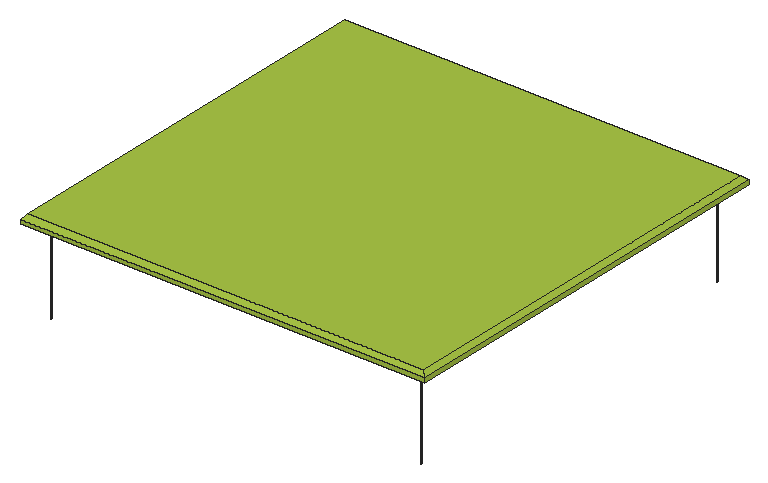
Revit family "Acoustical-Panels_Cloud-Panels_EcoScapes_Primacoustic", category Generic Models, host Face, Revit 2022
Family settings
  Host = Face
  Can host rebar = No
  Round Connector Dimension = Use Diameter
  Part Type = Normal
  Cut with Voids When Loaded = No
  Maintain Annotation Orientation = No
  Shared = No
  Room Calculation Point = No
Parameters (values of type "EcoScapes 4x4")
  Width = 47.20"
  URL = "https://www.primacoustic.com"
  Thickness = 1.00"
  Support Cable Length [instance] = 10.00"
  Specification = "https://www.arcat.com/company/primacoustic-a-division-of-radial-engineering-ltd-53699/spec"
  Product Page URL = "https://www.arcat.com/company/primacoustic-a-division-of-radial-engineering-ltd-53699"
  Panel Material [instance] = Primacoustic - EcoScapes - Apple
  Manufacturer = "Primacoustic"  # constant formula
  Length = 47.20"
  Keynote = "09 80 00"  # constant formula
  Finish = "PET"
  Default Elevation = 48.00"
  Copyright = "©ARCAT"  # constant formula
  CAD Details = "https://www.arcat.com/company/primacoustic-a-division-of-radial-engineering-ltd-53699/cad"
Types (5): name | Width | Support Cable Length | Length
  EcoScapes 1x2 | 11.80" | 7.50" | 23.60"
  EcoScapes 2x2 | 23.60" | 25.00" | 23.60"
  EcoScapes 2x4 | 23.60" | 10.00" | 47.20"
  EcoScapes 4x4 | 47.20" | 10.00" | 47.20"
  EcoScapes 4x8 | 48.00" | 7.50" | 96.10"
Reference planes (in)
  plane 1 "Center (Front/Back)": y = 0
  plane 2: z = 0
  plane 3 "Center (Left/Right)": x = 0
  plane 4: x = -23.6
  plane 5: x = 23.6
  plane 6: y = 23.6
  plane 7: y = -23.6
  plane 8: z = 11
  plane 9: z = 10
  plane 10: y = 21.6
  plane 11: x = -21.6
  plane 12: x = 21.6
  plane 13: y = -21.6
  plane 14: y = 22.35
  plane 15: y = 20.85
  plane 16: y = -22.35
  plane 17: y = -20.85
  plane 18: x = -21.85
  plane 19: x = -21.35
  plane 20: x = 21.85
  plane 21: x = 21.35
  plane 22: z = 9.3375
Forms (in)
  Extrusion 1, solid, material "Primacoustic - EcoScapes - Apple" <- "Panel Material"
    sketch origin (0, 0, 0) x (1, 0, 0) y (0, 1, 0)
      loop
        line (-23.6, 23.6) -> (-23.6, -23.6) -> (23.6, -23.6) -> (23.6, 23.6) -> (-23.6, 23.6)
    from 10 to 11
  Sweep 2, void
    path in 3D
      loop
        line (-23.6, 23.6, 11) -> (-23.6, -23.6, 11) -> (23.6, -23.6, 11) -> (23.6, 23.6, 11) -> (-23.6, 23.6, 11)
    profile origin (0, 23.6, 11) x (0, -1, 0) y (0, 0, 1)
      loop
        line (0, -0.5) -> (0.5, 0) -> (0, 0) -> (0, -0.5)
  Extrusion 3, solid
    sketch origin (0, 0, 0) x (1, 0, 0) y (0, 1, 0)
      loop
        circle (-21.6, 21.6) r 0.05
      loop
        circle (21.6, 21.6) r 0.05
      loop
        circle (-21.6, -21.6) r 0.05
      loop
        circle (21.6, -21.6) r 0.05
    from 0 to 9.3375
Cuts and joins
  Sweep 2 cuts Extrusion 1
Lines and regions (in)
  sketch lines
    curve 1: line (23.6, 23.6, 11) -> (-23.6, 23.6, 11)
    curve 2: line (23.6, -23.6, 11) -> (23.6, 23.6, 11)
    curve 3: line (-23.6, -23.6, 11) -> (23.6, -23.6, 11)
    curve 4: line (-23.6, 23.6, 11) -> (-23.6, -23.6, 11)
Dimensions and locks (in)
  equal spacing: plane 4, plane 3 "Center (Left/Right)", plane 5
  "Width": plane 4 to plane 5
  equal spacing: plane 7, plane 1 "Center (Front/Back)", plane 6
  "Length": plane 6 to plane 7
  "Thickness": plane 8 to plane 9
  "Support Cable Length": plane 9 to level
  locked: plane 4 to plane 11 at 2
  locked: plane 12 to plane 5 at 2
  locked: plane 6 to plane 10 at 2
  locked: plane 7 to plane 13 at 2
  plane 14 to plane 10 to plane 15 = 0.75" locked, 0.75" locked
  plane 16 to plane 13 to plane 17 = 0.75", 0.75" locked
  plane 18 to plane 11 to plane 19 = 0.25" locked, 0.25" locked
  plane 20 to plane 12 to plane 21 = 0.25" locked, 0.25" locked
  locked: plane 9 to plane 22 at 0.6625
  aligned and locked: plane 2 to host face
  aligned and locked: level to host face
  aligned and locked: Extrusion 1 sketch curve to plane 6
  aligned and locked: Extrusion 1 sketch curve to plane 4
  aligned and locked: Extrusion 1 sketch curve to plane 5
  aligned and locked: Extrusion 1 sketch curve to plane 7
  aligned and locked: plane 8 to Extrusion 1
  aligned and locked: plane 6 to Sweep 2 sketch curve
  aligned and locked: plane 8 to Sweep 2 sketch curve
  aligned and locked: cut or joined group of Extrusion 1, Sweep 2 to plane 9
  aligned and locked: plane 10 to Extrusion 3 sketch curve
  aligned and locked: plane 11 to Extrusion 3 sketch curve  (x2)
  aligned and locked: Extrusion 3 sketch curve to plane 10
  aligned and locked: Extrusion 3 sketch curve to plane 12
  aligned and locked: plane 12 to Extrusion 3 sketch curve
  aligned and locked: plane 13 to Extrusion 3 sketch curve
  aligned and locked: Extrusion 3 sketch curve to plane 13
  aligned and locked: Extrusion 3 to plane 2
  aligned and locked: plane 11 to nested 1
  aligned and locked: nested 1 to plane 10
  aligned and locked: plane 9 to nested 1
  aligned and locked: nested 2 to plane 12
  aligned and locked: plane 9 to nested 2
  aligned and locked: plane 10 to nested 2
  aligned and locked: plane 9 to nested 3
  aligned and locked: plane 13 to nested 3
  aligned and locked: plane 11 to nested 3
  aligned and locked: plane 9 to nested 4
  aligned and locked: plane 13 to nested 4
  aligned and locked: nested 4 to plane 12
  aligned and locked: plane 22 to Extrusion 3
Automatic sketch dimensions
  host sketch curve to host sketch curve = 96.00"
  host sketch curve to host sketch curve = 101.81433"
  Sweep 2 sketch curve to Sweep 2 sketch curve = 0.50"
  Sweep 2 sketch curve to profile plane = 0.50"
  radius of Extrusion 3 sketch curve = 0.05"  (x4)
Nested families (in)
  nested 1: "Rod Clamp" at (-21.6, 21.6, 9.4), type "Rod Clamp"
  nested 2: "Rod Clamp" at (21.6, 21.6, 9.4), type "Rod Clamp"
  nested 3: "Rod Clamp" at (-21.6, -21.6, 9.4), type "Rod Clamp"
  nested 4: "Rod Clamp" at (21.6, -21.6, 9.4), type "Rod Clamp"
Definition of nested family "Rod Clamp"
  Parameters (values of type "Rod Clamp")
    Default Elevation = 0.00"
  Reference planes (in)
    plane 1 "Center (Front/Back)": y = 0
    plane 2: z = 0
    plane 3 "Center (Left/Right)": x = 0
    plane 4: x = -0.25
    plane 5: x = 0.25
    plane 6: y = 0.75
    plane 7: y = -0.75
    plane 8: y = 0.5
    plane 9: y = -0.5
    plane 10: z = 0.35
    plane 11: z = 0.6
    plane 12: x = 0.2
    plane 13: x = -0.2
    plane 14: z = -0.0625
    plane 15: z = 0.5
  Forms (in)
    Extrusion 1, solid
      sketch origin (0, 0, 0.5) x (0, -1, 0) y (1, 0, 0)
        loop
          line (-0.5, -0.25) -> (0.5, -0.25)
          arc (0.5, -0.25) -> (0.75, 0) -> (0.5, 0.25) r 0.25
          line (0.5, 0.25) -> (-0.5, 0.25)
          arc (-0.5, 0.25) -> (-0.75, 0) -> (-0.5, -0.25) r 0.25
      from 0 to 0.1
    Extrusion 2, solid
      sketch origin (0, 0, 0.6) x (0, 1, 0) y (0, 0, 1)
        loop
          line (0.34413, 0) -> (-0.34413, 0) -> (-0.11023, -0.52536)
          arc (-0.11023, -0.52536) -> (0, -0.59694) -> (0.11023, -0.52536) r 0.12066
          line (0.11023, -0.52536) -> (0.34413, 0)
      from 0.2 to 0.25
    Extrusion 3, solid
      sketch origin (-0.79146, 0, 0.6) x (0, 1, 0) y (0, 0, 1)
        loop
          line (0.34413, 0) -> (-0.34413, 0) -> (-0.11023, -0.52536)
          arc (-0.11023, -0.52536) -> (0, -0.59694) -> (0.11023, -0.52536) r 0.12066
          line (0.11023, -0.52536) -> (0.34413, 0)
      from 0.54146 to 0.59146
    Extrusion 4, solid
      sketch origin (0, 0, 0) x (1, 0, 0) y (0, 1, 0)
        loop
          circle (0, 0) r 0.2
        loop
          circle (0, 0) r 0.15415
      from -0.0625 to 0.35
    Blend 5, solid
      base sketch origin (0, 0, 0) x (1, 0, 0) y (0, 1, 0)
        loop
          circle (0, 0) r 0.2
      top sketch origin (0, 0, 0) x (1, 0, 0) y (0, 1, 0)
        loop
          circle (0, 0) r 0.1
      from -0.0625 to -0.40208
    Extrusion 6, void
      sketch origin (0, 0, 0) x (1, 0, 0) y (0, 1, 0)
        loop
          circle (0, 0.5) r 0.04681
        loop
          circle (0, -0.5) r 0.04681
      from 0.5 to 0.6
  Cuts and joins
    Extrusion 6 cuts Extrusion 1
    joined: Extrusion 1, Extrusion 2, Extrusion 3
    joined: Extrusion 4, Blend 5
  Dimensions and locks (in)
    plane 7 to plane 1 "Center (Front/Back)" to plane 6 = 0.75" locked, 0.75" locked
    plane 4 to plane 3 "Center (Left/Right)" to plane 5 = 0.25" locked, 0.25" locked
    locked: plane 7 to plane 9 at 0.25
    locked: plane 6 to plane 8 at 0.25
    locked: plane 4 to plane 13 at 0.05
    locked: plane 12 to plane 5 at 0.05
    aligned and locked: plane 2 to level
    aligned and locked: Extrusion 4 to plane 14
    aligned and locked: plane 10 to Extrusion 4
    aligned and locked: Blend 5 to Extrusion 4
    aligned and locked: plane 8 to Extrusion 6 sketch curve
    aligned and locked: plane 3 "Center (Left/Right)" to Extrusion 6 sketch curve  (x2)
    aligned and locked: plane 9 to Extrusion 6 sketch curve
    aligned and locked: Extrusion 6 to plane 15
    aligned and locked: plane 11 to Extrusion 6
